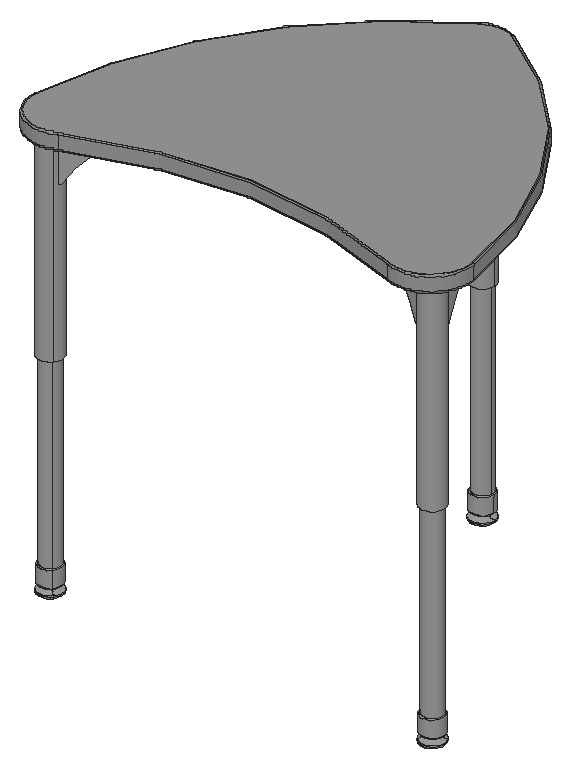
Revit family "Hierarchy Chevron Small Desk", category Furniture, Revit 2018
Family settings
  Work Plane-Based = No
  Always vertical = Yes
  Cut with Voids When Loaded = No
  Shared = No
  Room Calculation Point = No
Parameters
  Desk Height = 2' - 5"
  Surface = Hierarchy Chevron Small Desk Surface
  Leg Finish = Hierarchy Leg Platinum
  Edgeband = Hierarchy Chevron Small Desk Edgeband
  Caster/Glide = Hierarchy Leg - Glide : Hierarchy Leg - Glide
Reference planes (in)
  plane 1 "Center (Front/Back)": y = 0
  plane 2: z = 0
  plane 3 "Center (Left/Right)": x = 0
  plane 4 "Table Height": z = 29
Dimensions and locks (in)
  "Desk Height": plane 4 "Table Height" to level
  aligned and locked: plane 2 to level
  aligned and locked: nested 1 to plane 4 "Table Height"
Nested families (in)
  nested 1: "Chevron Small Tabletop" at (0, 0, 0.5), type "Chevron Small Tabletop"
  nested 2: "Hierarchy Leg - Glide" at (-13.3791, -10.37235, 0) x (-0.7709, 0.637, 0) z (0, 0, 1), type <- "Caster/Glide", Leg Finish <- "Leg Finish", Leg Height <- "Desk Height", type "Hierarchy Leg - Glide"
  nested 3: "Hierarchy Leg - Glide" at (13.3791, -10.37235, 0) x (0.7709, 0.637, 0) z (0, 0, 1), type <- "Caster/Glide", Leg Finish <- "Leg Finish", Leg Height <- "Desk Height", type "Hierarchy Leg - Glide"
  nested 4: "Hierarchy Leg - Glide" at (0, 10.72732, 0), Leg Finish <- "Leg Finish", Leg Height <- "Desk Height", type "Hierarchy Leg - Glide"
Definition of nested family "Chevron Small Tabletop"
  Parameters (values of type "Chevron Small Tabletop")
    Surface = none
    Edgeband = none
  Reference planes (in)
    plane 1 "Center (Front/Back)": y = 0
    plane 2: z = 0
    plane 3 "Center (Left/Right)": x = 0
  Forms (in)
    Extrusion 1, solid, material <- "Surface"
      sketch origin (0, 0, 0) x (1, 0, 0) y (0, 1, 0)
        loop
          arc (1.11921, 11.93196) -> (0, 12.23098) -> (-1.11921, 11.93196) r 2.24409
          arc (-1.11921, 11.93196) -> (-10.65751, 3.00305) -> (-15.23374, -9.2347) r 28.62199
          arc (-15.23374, -9.2347) -> (-14.19921, -11.68117) -> (-11.56068, -11.98718) r 2.63779
          arc (-11.56068, -11.98718) -> (0, -9.57036) -> (11.56068, -11.98718) r 28.85821
          arc (11.56068, -11.98718) -> (14.19921, -11.68117) -> (15.23374, -9.2347) r 2.63779
          arc (15.23374, -9.2347) -> (10.65751, 3.00305) -> (1.11921, 11.93196) r 28.62199
      from 28.5 to 29.625
    Sweep 2, solid, material <- "Edgeband"
      path in 3D
        loop
          arc (-1.11921, 11.93196, 29.625) -> (0, 12.23098, 29.625) -> (1.11921, 11.93196, 29.625) r 2.24409
          arc (1.11921, 11.93196, 29.625) -> (10.65751, 3.00305, 29.625) -> (15.23374, -9.2347, 29.625) r 28.62199
          arc (15.23374, -9.2347, 29.625) -> (14.19921, -11.68117, 29.625) -> (11.56068, -11.98718, 29.625) r 2.63779
          arc (11.56068, -11.98718, 29.625) -> (0, -9.57036, 29.625) -> (-11.56068, -11.98718, 29.625) r 28.85821
          arc (-11.56068, -11.98718, 29.625) -> (-14.19921, -11.68117, 29.625) -> (-15.23374, -9.2347, 29.625) r 2.63779
          arc (-15.23374, -9.2347, 29.625) -> (-10.65751, 3.00305, 29.625) -> (-1.11921, 11.93196, 29.625) r 28.62199
      profile origin (-10.65751, 3.00305, 29.625) x (-0.831988, 0.554793, 0) y (0, 0, 1)
        loop
          line (0.10581, -1.01919) -> (0.10581, -0.10581)
          arc (0.10581, -0.10581) -> (0.07482, -0.03099) -> (0, 0) r 0.10581
          line (0, 0) -> (0, -1.125)
          arc (0, -1.125) -> (0.07482, -1.09401) -> (0.10581, -1.01919) r 0.10581
  Lines and regions (in)
    sketch lines
      curve 1: arc (-15.23374, -9.2347, 29.625) -> (-10.65751, 3.00305, 29.625) -> (-1.11921, 11.93196, 29.625) r 28.62199
      curve 2: arc (-1.11921, 11.93196, 29.625) -> (0, 12.23098, 29.625) -> (1.11921, 11.93196, 29.625) r 2.24409
      curve 3: arc (1.11921, 11.93196, 29.625) -> (10.65751, 3.00305, 29.625) -> (15.23374, -9.2347, 29.625) r 28.62199
      curve 4: arc (15.23374, -9.2347, 29.625) -> (14.19921, -11.68117, 29.625) -> (11.56068, -11.98718, 29.625) r 2.63779
      curve 5: arc (11.56068, -11.98718, 29.625) -> (0, -9.57036, 29.625) -> (-11.56068, -11.98718, 29.625) r 28.85821
      curve 6: arc (-11.56068, -11.98718, 29.625) -> (-14.19921, -11.68117, 29.625) -> (-15.23374, -9.2347, 29.625) r 2.63779
  Dimensions and locks (in)
    aligned and locked: plane 2 to level
Definition of nested family "Hierarchy Leg - Glide"
  Parameters (values of type "Hierarchy Leg - Glide")
    Leg Finish [instance] = none
    Leg Height [instance] = 2' - 5"
  Reference planes (in)
    plane 1 "Center (Front/Back)": y = 0
    plane 2: z = 0
    plane 3 "Center (Left/Right)": x = 0
  Forms (in)
    Extrusion 1, solid
      sketch origin (-0.01562, 0, 0) x (1, 0, 0) y (0, 1, 0)
        loop
          circle (0.01563, 0) r 0.67016
      from 0.67618 to 16.17618
    Revolve 2, solid
      sketch origin (0, 0, 0) x (1, 0, 0) y (0, 0, 1)
        loop
          line (-0.73189, 1.80118) -> (-0.79439, 1.73867) -> (-0.79439, 0.61381) -> (-0.73176, 0.55118) -> (-0.125, 0.55118) -> (-0.125, 0.42618) -> (-0.84656, 0.16241) -> (-0.84656, 0.08994) -> (-0.81359, 0) -> (0, 0) -> (0, 1.80118) -> (-0.73189, 1.80118)
        axis (0, 1.80118) -> (0, 0)
      angle from 0 to 360
  Dimensions and locks (in)
    "Leg Height": nested 1 to level
    aligned and locked: plane 2 to level
  Automatic sketch dimensions
    plane 1 "Center (Front/Back)" to Extrusion 1 sketch curve = 0' - 0"
    Extrusion 1 sketch curve to plane 3 "Center (Left/Right)" = 0' - 0"
    Revolve 2 sketch curve to level = 0' - 0"
    Revolve 2 sketch curve to plane 3 "Center (Left/Right)" = 0' - 0"  (x2)
    Revolve 2 sketch curve to plane 3 "Center (Left/Right)" = 0' - 0 1/8"
    Revolve 2 sketch curve to Revolve 2 sketch curve = 0' - 0.60676"
    Revolve 2 sketch curve to Revolve 2 sketch curve = 0' - 0.73189"
    Revolve 2 sketch curve to Revolve 2 sketch curve = 0' - 0.06263"  (x2)
    Revolve 2 sketch curve to Revolve 2 sketch curve = 0' - 0.08183"
    Revolve 2 sketch curve to Revolve 2 sketch curve = 0' - 0.03297"
    level to Revolve 2 sketch curve = 0' - 0.08994"
    Revolve 2 sketch curve to Revolve 2 sketch curve = 0' - 0.07247"
    level to Revolve 2 sketch curve = 0' - 0.42618"
    Revolve 2 sketch curve to Revolve 2 sketch curve = 0' - 0 1/8"
    Revolve 2 sketch curve to Revolve 2 sketch curve = 0' - 1.12486"
    Revolve 2 sketch curve to Revolve 2 sketch curve = 0' - 0 1/16"
    Revolve 2 sketch curve to level = 2' - 0"
    Revolve 2 sketch curve to Revolve 2 sketch curve = 8' - 4.91764"
    radius of Extrusion 1 sketch curve = 0' - 0.67016"
  Nested families (in)
    nested 1: "Hierarchy Upper Leg 2023" at (0, 0, 1.19783), Shapes Leg Finish <- "Leg Finish", type "Hierarchy Upper Leg 2023"
      with Shapes Leg Finish none
  Definition of nested family "Hierarchy Upper Leg 2023"
    Parameters (values of type "Hierarchy Upper Leg 2023")
      Shapes Leg Finish [instance] = none
    Reference planes (in)
      plane 1 "Center (Front/Back)": y = 0
      plane 2: z = 0
      plane 3 "Center (Left/Right)": x = 0
    Forms (in)
      Extrusion 1, solid, material <- "Shapes Leg Finish"
        sketch origin (0, 0, 0) x (1, 0, 0) y (0, 1, 0)
          loop
            circle (0, 0) r 0.84802
        from 13.67618 to 27.67618
      Extrusion 2, solid, material <- "Shapes Leg Finish"
        sketch origin (0, 0, 0) x (1, 0, 0) y (0, 1, 0)
          loop
            line (-1.70174, 0.19183) -> (-2.88626, -2.26116)
            arc (-2.88626, -2.26116) -> (-2.83993, -3.09822) -> (-2.1063, -3.50394) r 0.86614
            line (-2.1063, -3.50394) -> (2.1063, -3.50394)
            arc (2.1063, -3.50394) -> (2.83993, -3.09822) -> (2.88626, -2.26116) r 0.86614
            line (2.88626, -2.26116) -> (1.70174, 0.19183)
            arc (1.70174, 0.19183) -> (0, 1.25984) -> (-1.70174, 0.19183) r 1.88976
        from 27.67618 to 27.80217
      Extrusion 3, solid, material <- "Shapes Leg Finish"
        sketch origin (-1.48519, 8.66524, 0) x (-0.434844, 0.900506, 0) y (0, 0, 1)
          loop
            line (-9.01425, 27.67618) -> (-11.80952, 27.67618)
            arc (-11.80952, 27.67618) -> (-11.92325, 27.58993) -> (-11.87088, 27.45715) r 0.11811
            arc (-11.87088, 27.45715) -> (-10.39364, 26.29679) -> (-9.23328, 24.81955) r 7.87402
            arc (-9.23328, 24.81955) -> (-9.1005, 24.76717) -> (-9.01425, 24.88091) r 0.11811
            line (-9.01425, 24.88091) -> (-9.01425, 27.67618)
        from -1.94075 to -1.81476
      Extrusion 4, solid, material <- "Shapes Leg Finish"
        sketch origin (1.48519, 8.66524, 0) x (0.434844, 0.900506, 0) y (0, 0, -1)
          loop
            line (-9.01425, -27.67618) -> (-9.01425, -24.88091)
            arc (-9.01425, -24.88091) -> (-9.1005, -24.76717) -> (-9.23328, -24.81955) r 0.11811
            arc (-9.23328, -24.81955) -> (-10.39364, -26.29679) -> (-11.87088, -27.45715) r 7.87402
            arc (-11.87088, -27.45715) -> (-11.92325, -27.58993) -> (-11.80952, -27.67618) r 0.11811
            line (-11.80952, -27.67618) -> (-9.01425, -27.67618)
        from -1.94075 to -1.81476
    Dimensions and locks (in)
      aligned and locked: plane 2 to level
